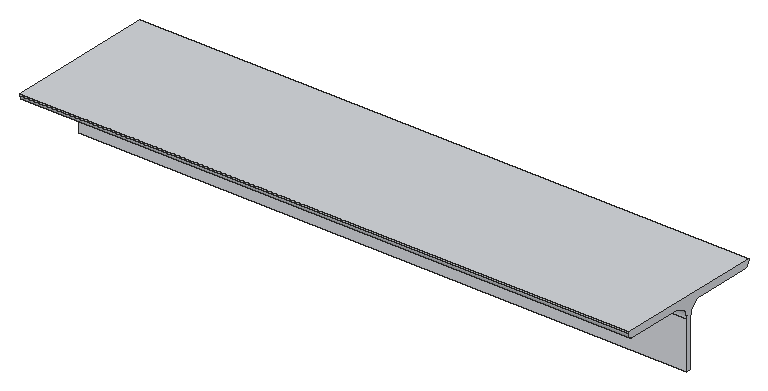
Revit family "StructuralFraming_TProfile", category Structural Framing, Revit 2018
Family settings
  Structural Framing Length Roundoff = 1 mm
  Section Shape = Structural Tees
  Material for Model Behavior = Steel
  Always export as geometry = No
  Always vertical = Yes
  Cut with Voids When Loaded = No
  Symbolic Representation = From Project Settings
  Shared = No
  Show family pre-cut in plan views = Yes
Parameters (values of type "TProfile")
  Width = 300 mm
  built-in parameter 1005567 = (empty or 0)
  Web Thickness = 9 mm
  Web Fillet = 27 mm
  Warping Constant = (empty or 0)
  Torsional Moment of Inertia = 0 cm⁴
  Torsional Modulus = 0 cm³
  Top Web Fillet = 0 mm
  Structural Material [instance] = none
  built-in parameter 1005564 = (empty or 0)
  Sloped Flange Angle = 0.00°
  Shear Area weak axis = 0.0 cm²
  Shear Area strong axis = 0.0 cm²
  Section Area = 0.0 cm²
  Principal Axes Angle = 0.00°
  Plastic Modulus weak axis = 0 cm³
  Plastic Modulus strong axis = 0 cm³
  Perimeter = (empty or 0)
  Nominal Weight = 0 N/m
  Moment of Inertia weak axis = 0 cm⁴
  Moment of Inertia strong axis = 0 cm⁴
  Height = 135 mm
  Flange Thickness Location = 0 mm
  Flange Thickness = 14 mm
  Flange Fillet = 10 mm
  Elastic Modulus weak axis = 0 cm³
  Elastic Modulus strong axis = 0 cm³
  Centroid Vertical = 67.5 mm
  Centroid Horizontal = 0 mm
  built-in parameter 1005542 = (empty or 0)
  Bolt Spacing = 0 mm
  built-in parameter 1005539 = (empty or 0)
  Assembly Code = ""
  Length [instance] = 1500 mm
Reference planes
  plane 1 "Center (Front/Back)": y = 0
  plane 2: z = 0
  plane 3 "Center (Left/Right)": x = 4.61
  plane 4 "Member Left": x = -604.99
  plane 5 "Member Right": x = 614.21
  plane 6: y = 150
  plane 7: y = -150
  plane 8 "Top": z = 67.5
  plane 9: z = -67.5
  plane 10 "Left": x = -757.39
  plane 11 "Right": x = 742.61
Forms (mm)
  Sweep 1, solid, material <- "Structural Material", detail levels medium
    path origin (0, 0, 0) x (1, 0, 0) y (0, 1, 0)
      loop
        line (614.21, 0) -> (-604.99, 0)
    profile "TProfile-Medium : TProfile-Medium" origin (4.61, 0, 0) x (0, -1, 0) y (0, 0, 1)
      loop
        line (-150, 67.5) -> (-150, 53.5) -> (-4.5, 53.5) -> (-4.5, -67.5) -> (4.5, -67.5) -> (4.5, 53.5) -> (150, 53.5) -> (150, 67.5) -> (-150, 67.5)
  Sweep 2, solid, material <- "Structural Material", detail levels fine
    path origin (0, 0, 0) x (1, 0, 0) y (0, 1, 0)
      loop
        line (614.21, 0) -> (-604.99, 0)
    profile "TProfile-Fine : TProfile-Fine" origin (4.61, 0, 0) x (0, -1, 0) y (0, 0, 1)
      loop
        line (-150, 67.5) -> (-150, 63.5)
        arc (-150, 63.5) -> (-147.071, 56.429) -> (-140, 53.5) r 10
        line (-140, 53.5) -> (-31.5, 53.5)
        arc (-31.5, 53.5) -> (-12.408, 45.592) -> (-4.5, 26.5) r 27
        line (-4.5, 26.5) -> (-4.5, -67.5) -> (4.5, -67.5) -> (4.5, 26.5)
        arc (4.5, 26.5) -> (12.408, 45.592) -> (31.5, 53.5) r 27
        line (31.5, 53.5) -> (140, 53.5)
        arc (140, 53.5) -> (147.071, 56.429) -> (150, 63.5) r 10
        line (150, 63.5) -> (150, 67.5) -> (-150, 67.5)
Lines and regions (mm)
  symbolic lines, style "Hidden Faces", detail levels medium+fine
    curve 1: line (614.21, -6.5, 0) -> (-604.99, -6.5, 0)
    curve 2: line (614.21, 6.5, 0) -> (-604.99, 6.5, 0)
  symbolic lines, style "Stick Symbols", detail levels coarse
    curve 3: line (4.61, 150, 67.5) -> (4.61, -150, 67.5)
    curve 4: line (4.61, 0, 67.5) -> (4.61, 0, -67.5)
Dimensions and locks
  "Width": plane 6 to plane 7
  "Height": plane 9 to plane 8 "Top"
  equal spacing: plane 9, plane 2, plane 8 "Top"
  equal spacing: plane 6, plane 1 "Center (Front/Back)", plane 7
  "Length": plane 10 "Left" to plane 11 "Right"
  aligned and locked: Sweep 1 sketch curve to plane 1 "Center (Front/Back)"
  aligned and locked: Sweep 2 sketch curve to plane 1 "Center (Front/Back)"
  aligned and locked: Sweep 2 to curve 3  (x2)
  aligned and locked: curve 4 to Sweep 1
  aligned and locked: curve 3 to Sweep 2
  aligned and locked: plane 4 "Member Left" to Sweep 1 sketch curve
  aligned and locked: plane 5 "Member Right" to Sweep 1 sketch curve
  aligned and locked: plane 4 "Member Left" to Sweep 2 sketch curve
  aligned and locked: plane 5 "Member Right" to Sweep 2 sketch curve
  aligned and locked: plane 4 "Member Left" to curve 1
  aligned and locked: plane 5 "Member Right" to curve 1
  aligned and locked: plane 4 "Member Left" to curve 2
  aligned and locked: plane 5 "Member Right" to curve 2
Automatic sketch dimensions
  plane 1 "Center (Front/Back)" to curve 1 = 6.5 mm
  curve 2 to plane 1 "Center (Front/Back)" = 6.5 mm
  curve 4 to plane 1 "Center (Front/Back)" = 0 mm
